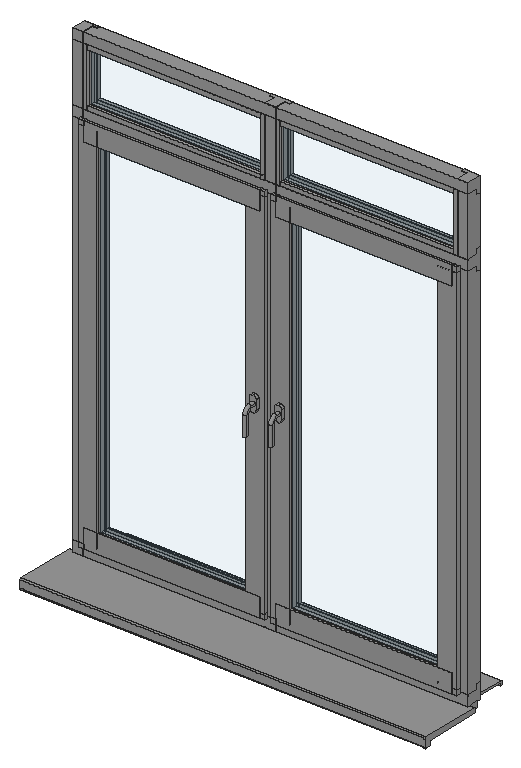
Revit family "deceuninck_okonniy_blok_dvustvorchatiy_s_verhnimi_framugami", category Окна, Revit 2016
Family settings
  Основа = Стена
  Номер OmniClass = 23.30.20.00
  Заголовок OmniClass = Windows
  Всегда вертикально = Да
  При загрузке вырезать с полостями = Нет
  Общий = Нет
  Точка расчета площади = Нет
Parameters (values of type "Энвин ЭКО-60")
  Ширина профиля = 60 mm
  Ширина проема [instance] = ADSK_Ширина рамы + Монтажный зазор.Левый + Монтажный зазор.Правый  # 1640 mm
  Шир прав створка [instance] = if(Одинаковые створки, ADSK_Ширина рамы / 2, Створка правая.Ширина)  # 800 mm
  Четверть.Ширина [instance] = 65 mm
  Четверть.Правая [instance] = if(and(Четверть правая.Видимость, Четверть), Четверть.Ширина, 0 mm)  # 65 mm
  Четверть.Левая [instance] = if(and(Четверть левая.Видимость, Четверть), Четверть.Ширина, 0 mm)  # 65 mm
  Четверть.Глубина [instance] = 120 mm
  Четверть.Высота [instance] = 65 mm
  Четверть правая.Видимость [instance] = yes
  Четверть левая.Видимость [instance] = yes
  Четверть.Врхняя [instance] = if(Четверть, Четверть.Высота, 0 mm)  # 65 mm
  Четверть [instance] = yes
  Цвет профиля = ""
  Фрамуга верхняя.Высота [instance] = ADSK_Высота рамы - Высота створки  # 300 mm
  Формула стеклопакета = ""
  Толщина стеклопакета = "32"
  Тип профиля = "Тип В"
  Стеклопакет.Толщина = 32 mm
  Створка правая.Ширина [instance] = 800 mm
  Створка правая [instance] = stvorka : Поворотная право
  Створка левая.Ширина [instance] = ADSK_Ширина рамы - Шир прав створка  # 800 mm
  Створка левая [instance] = stvorka : Поворотная лево
  Система фурнитуры [instance] = ""
  Расчетное значение ветровой нагрузки [instance] = 400
  Рама.Окно.Ширина [instance] = 1600 mm
  Рама.Окно.Высота [instance] = 1900 mm
  Профильная система = "Энвин ЭКО 60"
  Проем.Окно.Ширина [instance] = 1640 mm
  Проем.Окно.Высота [instance] = 1955 mm
  Приточный клапан [instance] = no
  Watermarked By = ""
  Rough Width = 0 mm  # constant formula
  Rough Height = 0 mm  # constant formula
  Подоконник.Глубина [instance] = 0 mm
  Подоконник. Видимость [instance] = yes
  Подоконник [instance] = podokonnik : ПВХ 250
  Площаль элемента [instance] = ADSK_Ширина рамы * ADSK_Высота рамы / 1000000 mm  # 3.04 mm
  Отлив.Свес [instance] = 35 mm
  Отлив.Видимость [instance] = yes
  Откосы.Глубина [instance] = 310 mm
  Одинаковые створки [instance] = no
  Огнестойкость = "Е-15"
  Наименование = "Окно 2-створчатое с верхними фрамугами Энвин ЭКО-60"
  Монтажный зазор.Спереди [instance] = 10 mm
  Монтажный зазор.Правый [instance] = if(Четверть правая.Видимость, Монтажный зазор.Боковой, 0 mm)  # 20 mm
  Монтажный зазор.Низ [instance] = 10 mm
  Монтажный зазор.Левый [instance] = if(Четверть левая.Видимость, Монтажный зазор.Боковой, 0 mm)  # 20 mm
  Монтажный зазор.Верх [instance] = 20 mm
  Монтажный зазор.Боковой = 20 mm
  Материал-Стеклопакет = none
  Материал-Рама = none
  Материал-Подоконник = ПВХ, белый
  Материал-Отлив = Лист оцинкованый, белый
  Завод-изготовитель [instance] = "ООО Декёнинк Рус, Россия"  # constant formula
  ГОСТ = "ГОСТ 30673-2013"
  Высота створки [instance] = 1600 mm
  Высота профиля створки = 76 mm
  Высота профиля рамы = 62 mm
  Высота профиля имоста = 82 mm
  Высота проема [instance] = ADSK_Высота рамы + 25 mm + Монтажный зазор.Верх + Монтажный зазор.Низ  # 1955 mm
  Height = 1000 mm
  Высота подоконника по умолчанию = 800 mm
  Замыкание стены = По основе
  Width = 0 mm  # constant formula
  Артикул створки/армирование рстворки = "ZE 60D  /  AR1"
  Артикул рамы/армирование рамы = "LE 60D  /  AR1"
  Артикул импоста/армирование импоста = "TE 60D  /  20 x 35"
  Аналитическая конструкция = "<Нет>"
  λ краевой зоны стеклопакета = 0.0600 (m²·K)/W
  Rстеклопакета = 0.7600 (m²·K)/W
  Rпрофиля = 0.6800 (m²·K)/W
  Rпривед [instance] = 1 / (((Ширина профиля / 1000 mm) * (5.4 - 4 * (Ширина профиля / 1000 mm)) / (1.8 * Rпрофиля / Rед)) + ((1.2 - 2 * (Ширина профиля / 1000 mm)) * (1.5 - 2 * (Ширина профиля / 1000 mm)) / (1.8 * Rстеклопакета / Rед)) + (5.4 - 8 * (Ширина профиля / 1000 mm)) * (λ краевой зоны стеклопакета / Rед))  # 0.61064
  Rед = 1.0000 (m²·K)/W
  Iфактич [instance] = ""
  Iтреб [instance] = (((Расчетное значение ветровой нагрузки / 1000000) * ((ADSK_Высота рамы / 10) ^ 4) * (Шир прав створка / 20)) / (1 mm * 1920 mm * 210000 mm * (ADSK_Высота рамы / 3000)) * (25 - (40 * ((Шир прав створка / 20) / ADSK_Высота рамы) ^ 2) + (16 * ((Шир прав створка / 20) / ADSK_Высота рамы) ^ 4))) + (((Расчетное значение ветровой нагрузки / 1000000) * ((ADSK_Высота рамы / 10) ^ 4) * (Створка левая.Ширина / 20)) / (1 mm * 1920 mm * 210000 mm * (ADSK_Высота рамы / 3000)) * (25 - (40 * ((Створка левая.Ширина / 20) / ADSK_Высота рамы) ^ 2) + (16 * ((Створка левая.Ширина / 20) / ADSK_Высота рамы) ^ 4)))  # 4.08 mm
  ADSK_Ширина рамы [instance] = 1600 mm
  ADSK_Позиция [instance] = ""
  ADSK_Высота рамы [instance] = 1900 mm
Reference planes
  plane 1 "По центру (Вперед/Назад)": y = 0
  plane 2 "По центру (Влево/Вправо)": x = 0
  plane 3 "Подоконник": z = 800
  plane 4 "Наружный": y = 250
  plane 5 "Внутренние": y = -250
  plane 6: x = -820
  plane 7: x = 820
  plane 8: x = -755
  plane 9: x = 755
  plane 10: y = 130
  plane 11: z = 2700
  plane 12: x = -800
  plane 13: x = 800
  plane 14: z = 775
  plane 15: z = 2720
  plane 16: z = 765
  plane 17: z = 2655
  plane 18: y = 120
  plane 19: y = 60
  plane 20: x = -738
  plane 21: x = 738
  plane 22: z = 2638
  plane 23: z = 862
  plane 24: x = 0
  plane 25: x = -41
  plane 26: x = 41
  plane 27: y = 107
  plane 28: y = 70
  plane 29: y = 450
  plane 30: z = 2400
Forms (mm)
  Extrusion 1, void
    sketch origin (0, -250, 0) x (1, 0, 0) y (0, 0, 1)
      loop
        line (-820, 2720) -> (-820, 765) -> (820, 765) -> (820, 2720) -> (-820, 2720)
    from 0 to -380
  Extrusion 2, void
    sketch origin (-2200.521, 130, 1000) x (1, 0, 0) y (0, 0, 1)
      loop
        line (1445.521, 1655) -> (1445.521, -235) -> (2955.521, -235) -> (2955.521, 1655) -> (1445.521, 1655)
    from 0 to -320
  Extrusion 3, solid, material <- "Материал-Рама", detail levels fine
    sketch origin (0, 0, 800) x (0, -1, 0) y (-1, 0, 0)
      loop
        line (-120, 800) -> (-120, 738) -> (-107, 738) -> (-107, 758) -> (-60, 758) -> (-60, 800) -> (-120, 800)
      loop
        line (-120, -738) -> (-120, -800) -> (-60, -800) -> (-60, -758) -> (-107, -758) -> (-107, -738) -> (-120, -738)
    from 0 to -1900
  Extrusion 4, solid, material <- "Материал-Рама", detail levels fine
    sketch origin (-750, 0, 0) x (0, -1, 0) y (0, 0, 1)
      loop
        line (-60, 800) -> (-60, 842) -> (-107, 842) -> (-107, 862) -> (-120, 862) -> (-120, 800) -> (-60, 800)
      loop
        line (-60, 2658) -> (-60, 2700) -> (-120, 2700) -> (-120, 2638) -> (-107, 2638) -> (-107, 2658) -> (-60, 2658)
    from 50 to -1550
  Extrusion 5, solid, material <- "Материал-Рама", detail levels fine
    sketch origin (0, 0, 800) x (0, -1, 0) y (-1, 0, 0)
      loop
        line (-120, 41) -> (-120, -41) -> (-107, -41) -> (-107, -21) -> (-60, -21) -> (-60, 21) -> (-107, 21) -> (-107, 41) -> (-120, 41)
    from 0 to -1900
  Extrusion 6, solid, material <- "Материал-Рама"
    sketch origin (-233.865, 107, 2257) x (0, 0, 1) y (-1, 0, 0)
      loop
        line (-1457, 566.135) -> (-1482, 566.135) -> (-1482, -1033.865) -> (-1457, -1033.865) -> (-1457, 566.135)
    from 0 to 37
  Extrusion 7, solid, material "Лист оцинкованый, белый" <- "Материал-Отлив", visible <- "Отлив.Видимость", detail levels fine
    sketch origin (755, 531.754, 1000) x (0, 1, 0) y (0, 0, 1)
      loop
        line (-424.754, -225) -> (-251.754, -225) -> (-251.754, -235) -> (-246.754, -235) -> (-246.754, -220) -> (-424.754, -215) -> (-424.754, -225)
    from 0 to -1510
  Extrusion 8, solid, detail levels medium
    sketch origin (0, 0, 800) x (0, -1, 0) y (-1, 0, 0)
      loop
        line (-120, 800) -> (-120, 738) -> (-60, 738) -> (-60, 800) -> (-120, 800)
      loop
        line (-120, -800) -> (-60, -800) -> (-60, -738) -> (-120, -738) -> (-120, -800)
    from 0 to -1900
  Extrusion 9, solid, detail levels medium
    sketch origin (-750, 0, 0) x (0, -1, 0) y (0, 0, 1)
      loop
        line (-120, 2700) -> (-120, 2638) -> (-60, 2638) -> (-60, 2700) -> (-120, 2700)
      loop
        line (-60, 800) -> (-60, 862) -> (-120, 862) -> (-120, 800) -> (-60, 800)
    from -1550 to 50
  Extrusion 10, solid, detail levels coarse
    sketch origin (0, 0, 800) x (0, -1, 0) y (-1, 0, 0)
      loop
        line (-120, 800) -> (-120, 689) -> (-47, 689) -> (-47, 800) -> (-120, 800)
      loop
        line (-120, -800) -> (-47, -800) -> (-47, -689) -> (-120, -689) -> (-120, -800)
      loop
        line (-47, 90) -> (-120, 90) -> (-120, -90) -> (-47, -90) -> (-47, 90)
    from 0 to -1900
  Extrusion 11, solid, detail levels coarse
    sketch origin (-750, 0, 0) x (0, -1, 0) y (0, 0, 1)
      loop
        line (-120, 2590) -> (-47, 2590) -> (-47, 2700) -> (-120, 2700) -> (-120, 2590)
      loop
        line (-47, 800) -> (-47, 911) -> (-120, 911) -> (-120, 800) -> (-47, 800)
      loop
        line (-47, 2489) -> (-120, 2489) -> (-120, 2311) -> (-47, 2311) -> (-47, 2489)
    from -1550 to 50
  Extrusion 12, solid, detail levels medium
    sketch origin (0, 0, 800) x (0, -1, 0) y (-1, 0, 0)
      loop
        line (-120, 21) -> (-120, -21) -> (-60, -21) -> (-60, 21) -> (-120, 21)
    from 0 to -1900
  Extrusion 13, solid, detail levels fine
    sketch origin (-750, 0, 0) x (0, -1, 0) y (0, 0, 1)
      loop
        line (-60, 2379) -> (-60, 2421) -> (-107, 2421) -> (-107, 2441) -> (-120, 2441) -> (-120, 2359) -> (-107, 2359) -> (-107, 2379) -> (-60, 2379)
    from -1550 to 50
  Extrusion 14, solid, detail levels medium
    sketch origin (-750, 0, 0) x (0, -1, 0) y (0, 0, 1)
      loop
        line (-60, 2421) -> (-120, 2421) -> (-120, 2379) -> (-60, 2379) -> (-60, 2421)
    from -1550 to 50
Lines and regions (mm)
  symbolic lines, style "Windows"
    curve 1: line (-800, 130, 0) -> (800, 130, 0)
Text (mm)
  text "Наружный" at (0, 923.751, 2943.296), in view "Справа"
  text "Наружный" at (0, 1040.484, 2685.409), in view "Слева"
Dimensions and locks
  "Высота подоконника по умолчанию": plane 3 "Подоконник" to level
  locked: plane 4 "Наружный" to host wall at 0
  locked: plane 5 "Внутренние" to host wall
  "Четверть.Глубина": plane 10 to plane 4 "Наружный"
  "ADSK_Высота рамы": plane 11 to plane 3 "Подоконник"
  "Монтажный зазор.Верх": plane 15 to plane 11
  locked: plane 3 "Подоконник" to plane 14 at 25
  "Монтажный зазор.Низ": plane 14 to plane 16
  "Четверть.Врхняя": plane 15 to plane 17
  equal spacing: plane 13, plane 2 "По центру (Влево/Вправо)", plane 12
  "ADSK_Ширина рамы": plane 13 to plane 12
  "Четверть.Левая": plane 8 to plane 6
  "Четверть.Правая": plane 7 to plane 9
  "Монтажный зазор.Левый": plane 12 to plane 6
  "Монтажный зазор.Правый": plane 13 to plane 7
  "Монтажный зазор.Спереди": plane 10 to plane 18
  "Ширина профиля": plane 18 to plane 19
  "Высота профиля рамы": plane 12 to plane 20
  locked: Extrusion 3 sketch curve to Extrusion 3 sketch curve at 13  (x2)
  locked: Extrusion 3 sketch curve to Extrusion 3 sketch curve at 20  (x2)
  "Высота профиля рамы": plane 21 to plane 13
  "Высота профиля рамы": plane 11 to plane 22
  "Высота профиля рамы": plane 3 "Подоконник" to plane 23
  locked: Extrusion 4 sketch curve to Extrusion 4 sketch curve at 13  (x2)
  locked: Extrusion 4 sketch curve to Extrusion 4 sketch curve at 20  (x2)
  "Шир прав створка": plane 13 to plane 24
  equal spacing: plane 25, plane 24, plane 26
  "Высота профиля имоста": plane 25 to plane 26
  locked: Extrusion 5 sketch curve to plane 26 at 20
  locked: plane 25 to Extrusion 5 sketch curve at 20
  locked: plane 18 to plane 27 at 13
  locked: plane 28 to plane 19 at 10
  locked: Extrusion 7 sketch curve to Extrusion 7 sketch curve at 5  (x2)
  locked: Extrusion 7 sketch curve to Extrusion 7 sketch curve at 10
  "Отлив.Свес": Extrusion 7 to plane 4 "Наружный"
  locked: plane 4 "Наружный" to plane 29 at 200
  "Откосы.Глубина": plane 19 to plane 5 "Внутренние"
  "Высота створки": plane 30 to plane 3 "Подоконник"
  locked: Extrusion 13 sketch curve to Extrusion 13 sketch curve at 20  (x2)
  "Высота профиля имоста": Extrusion 13 sketch curve to Extrusion 13 sketch curve
  equal spacing: Extrusion 13 sketch curve, plane 30, Extrusion 13 sketch curve
  "Проем.Окно.Высота": plane 15 to plane 16
  "Рама.Окно.Высота": plane 11 to plane 3 "Подоконник"
  "Проем.Окно.Ширина": plane 7 to plane 6
  "Рама.Окно.Ширина": plane 13 to plane 12
  aligned and locked: Extrusion 1 sketch curve to plane 15
  aligned and locked: Extrusion 1 sketch curve to plane 6
  aligned and locked: Extrusion 1 sketch curve to plane 7
  aligned and locked: Extrusion 1 sketch curve to plane 16
  aligned and locked: plane 10 to Extrusion 1
  aligned and locked: Extrusion 2 sketch curve to plane 17
  aligned and locked: Extrusion 2 sketch curve to plane 8
  aligned and locked: Extrusion 2 sketch curve to plane 9
  aligned and locked: Extrusion 2 sketch curve to plane 16
  aligned and locked: Extrusion 3 sketch curve to plane 18
  aligned and locked: Extrusion 3 sketch curve to plane 19
  aligned and locked: Extrusion 3 sketch curve to plane 20
  aligned and locked: Extrusion 3 sketch curve to plane 12
  aligned and locked: plane 18 to Extrusion 3 sketch curve
  aligned and locked: plane 19 to Extrusion 3 sketch curve
  aligned and locked: Extrusion 3 sketch curve to plane 13
  aligned and locked: Extrusion 3 sketch curve to plane 21
  aligned and locked: plane 11 to Extrusion 3
  aligned and locked: Extrusion 4 sketch curve to plane 19  (x2)
  aligned and locked: Extrusion 4 sketch curve to plane 18  (x2)
  aligned and locked: Extrusion 4 sketch curve to plane 23
  aligned and locked: Extrusion 4 sketch curve to plane 3 "Подоконник"
  aligned and locked: Extrusion 4 sketch curve to plane 22
  aligned and locked: Extrusion 4 sketch curve to plane 11
  aligned and locked: Extrusion 4 to plane 13
  aligned and locked: Extrusion 4 to plane 12
  aligned and locked: Extrusion 5 sketch curve to plane 18
  aligned and locked: Extrusion 5 sketch curve to plane 19
  aligned and locked: plane 11 to Extrusion 5
  aligned and locked: Extrusion 6 sketch curve to plane 12
  aligned and locked: Extrusion 6 sketch curve to plane 3 "Подоконник"
  aligned and locked: Extrusion 6 sketch curve to plane 14
  aligned and locked: plane 13 to Extrusion 6 sketch curve
  aligned and locked: plane 28 to Extrusion 6
  aligned and locked: nested 1 to plane 3 "Подоконник"
  aligned and locked: plane 28 to nested 1
  aligned and locked: nested 1 to plane 2 "По центру (Влево/Вправо)"
  aligned and locked: plane 14 to Extrusion 7 sketch curve
  aligned and locked: Extrusion 7 to plane 8
  aligned and locked: plane 27 to Extrusion 7 sketch curve
  aligned and locked: plane 29 to Extrusion 2
  aligned and locked: curve 1 to plane 10
  aligned and locked: plane 11 to Extrusion 8
  aligned and locked: Extrusion 9 sketch curve to plane 11
  aligned and locked: Extrusion 9 sketch curve to plane 22
  aligned and locked: Extrusion 9 sketch curve to plane 19  (x2)
  aligned and locked: Extrusion 9 sketch curve to plane 18  (x2)
  aligned and locked: Extrusion 9 sketch curve to plane 3 "Подоконник"
  aligned and locked: Extrusion 9 sketch curve to plane 23
  aligned and locked: Extrusion 9 to plane 13
  aligned and locked: Extrusion 8 sketch curve to plane 20
  aligned and locked: Extrusion 8 sketch curve to plane 19  (x2)
  aligned and locked: Extrusion 8 sketch curve to plane 12
  aligned and locked: plane 13 to Extrusion 8 sketch curve
  aligned and locked: plane 21 to Extrusion 8 sketch curve
  aligned and locked: Extrusion 10 sketch curve to plane 12
  aligned and locked: Extrusion 10 sketch curve to plane 18  (x2)
  aligned and locked: plane 13 to Extrusion 10 sketch curve
  aligned and locked: plane 11 to Extrusion 10
  aligned and locked: plane 18 to Extrusion 10 sketch curve
  aligned and locked: Extrusion 11 sketch curve to plane 18
  aligned and locked: Extrusion 10 to Extrusion 11 sketch curve  (x4)
  aligned and locked: Extrusion 11 sketch curve to plane 11
  aligned and locked: Extrusion 11 sketch curve to plane 3 "Подоконник"
  aligned and locked: Extrusion 11 to plane 13
  aligned and locked: Extrusion 8 sketch curve to plane 18  (x2)
  aligned and locked: Extrusion 12 sketch curve to Extrusion 5  (x3)
  aligned and locked: Extrusion 10 to Extrusion 12 sketch curve
  aligned and locked: plane 11 to Extrusion 12
  aligned and locked: Extrusion 11 to plane 12
  aligned and locked: Extrusion 9 to plane 12
  aligned and locked: Extrusion 8 to Extrusion 13 sketch curve
  aligned and locked: Extrusion 10 to Extrusion 13 sketch curve
  aligned and locked: Extrusion 13 sketch curve to plane 27  (x2)
  aligned and locked: Extrusion 13 to plane 13
  aligned and locked: Extrusion 13 to plane 12
  aligned and locked: Extrusion 14 sketch curve to Extrusion 13  (x3)
  aligned and locked: Extrusion 13 to Extrusion 14 sketch curve
  aligned and locked: Extrusion 14 to plane 12
  aligned and locked: Extrusion 14 to plane 13
  aligned and locked: nested 2 to Extrusion 4
  aligned and locked: nested 2 to Extrusion 13
  aligned and locked: plane 27 to nested 2
  aligned and locked: Extrusion 3 to nested 2
  aligned and locked: nested 2 to Extrusion 12
  aligned and locked: Extrusion 11 sketch curve to nested 2  (x2)
  aligned and locked: nested 3 to Extrusion 4
  aligned and locked: nested 3 to Extrusion 13
  aligned and locked: plane 27 to nested 3
  aligned and locked: Extrusion 12 to nested 3
  aligned and locked: nested 3 to Extrusion 3
  aligned and locked: nested 4 to Extrusion 13
  aligned and locked: nested 4 to Extrusion 4
  aligned and locked: plane 27 to nested 4
  aligned and locked: Extrusion 12 to nested 4
  aligned and locked: nested 4 to Extrusion 3
  aligned and locked: nested 5 to Extrusion 13
  aligned and locked: nested 5 to Extrusion 4
  aligned and locked: plane 27 to nested 5
  aligned and locked: Extrusion 3 to nested 5
  aligned and locked: nested 5 to Extrusion 12
  aligned and locked: Extrusion 11 sketch curve to nested 5
Automatic sketch dimensions
  Extrusion 5 sketch curve to plane 26 = 0 mm
  Extrusion 5 sketch curve to plane 25 = 0 mm
  Extrusion 5 sketch curve to plane 18 = 13 mm  (x2)
  host wall to Extrusion 7 sketch curve = 30 mm
  Extrusion 7 sketch curve to Extrusion 7 sketch curve = 10 mm
  curve 1 to plane 12 = 0 mm
  curve 1 to plane 13 = 0 mm
  Extrusion 11 sketch curve to plane 19 = 13 mm
  Extrusion 10 sketch curve to plane 19 = 13 mm  (x3)
  plane 26 to Extrusion 10 sketch curve = 49 mm
  plane 21 to Extrusion 10 sketch curve = 49 mm
  plane 20 to Extrusion 10 sketch curve = 49 mm
  Extrusion 10 sketch curve to plane 25 = 49 mm
  plane 23 to Extrusion 11 sketch curve = 49 mm
Nested families
  nested 1: "podokonnik" at (0, 70, 800), Материал-Подоконник <- "Материал-Подоконник", Длина подоконника <- "Ширина проема", type <- "Подоконник", visible <- "Подоконник. Видимость", type "ПВХ 250", detail levels fine
    with Материал-Подоконник ПВХ, белый, Длина подоконника 1640 mm
  nested 2: "stvorka" at (-389.5, 107, 2421), Профиль.Ширина <- "Ширина профиля", Стеклопакет.Толщина <- "Стеклопакет.Толщина", Профиль.Высота <- "Высота профиля створки", type "Глухая"
    with Стеклопакет.Толщина 32 mm, Створка.Ширина 737 mm, Створка.Высота 237 mm, Ручка.Расстояние от низа створки 118.5 mm, Профиль.Ширина 60 mm, Профиль.Высота 76 mm, Материал.Профиль none
  nested 3: "stvorka" at (389.5, 107, 2421), Профиль.Ширина <- "Ширина профиля", Стеклопакет.Толщина <- "Стеклопакет.Толщина", Профиль.Высота <- "Высота профиля створки", type "Глухая"
    with Стеклопакет.Толщина 32 mm, Створка.Ширина 737 mm, Створка.Высота 237 mm, Ручка.Расстояние от низа створки 118.5 mm, Профиль.Ширина 60 mm, Профиль.Высота 76 mm, Материал.Профиль none
  nested 4: "stvorka" at (389.5, 107, 842), Профиль.Ширина <- "Ширина профиля", Стеклопакет.Толщина <- "Стеклопакет.Толщина", type <- "Створка правая", Профиль.Высота <- "Высота профиля створки", type "Поворотная право"
    with Стеклопакет.Толщина 32 mm, Створка.Ширина 737 mm, Створка.Высота 1537 mm, Ручка.Расстояние от низа створки 768.5 mm, Профиль.Ширина 60 mm, Профиль.Высота 76 mm, Материал.Профиль none
  nested 5: "stvorka" at (-389.5, 107, 842), Профиль.Ширина <- "Ширина профиля", Стеклопакет.Толщина <- "Стеклопакет.Толщина", type <- "Створка левая", Профиль.Высота <- "Высота профиля створки", type "Поворотная лево"
    with Стеклопакет.Толщина 32 mm, Створка.Ширина 737 mm, Створка.Высота 1537 mm, Ручка.Расстояние от низа створки 768.5 mm, Профиль.Ширина 60 mm, Профиль.Высота 76 mm, Материал.Профиль none
Definition of nested family "podokonnik"
  Parameters (values of type "ПВХ 150")
    Материал-Подоконник [instance] = none
    Длина подоконника [instance] = 1500 mm
    Глубина подоконника = 150 mm
    Watermarked By = ""
    Type Comments = "﻿﻿  ﻿          ​     ​                                      ﻿       ﻿ ﻿         ​     ​ ﻿             ​   ​ ​                                ﻿           ﻿                ​ ﻿﻿"
    Keynote = "﻿﻿  ﻿          ​     ​                                      ﻿       ﻿ ﻿         ​     ​ ﻿             ​   ​ ​                                ﻿           ﻿                ​ ﻿﻿"
    Description = "﻿﻿  ﻿          ​     ​                                      ﻿       ﻿ ﻿         ​     ​ ﻿             ​   ​ ​                                ﻿           ﻿                ​ ﻿﻿"
    Assembly Code = "﻿﻿  ﻿          ​     ​                                      ﻿       ﻿ ﻿         ​     ​ ﻿             ​   ​ ​                                ﻿           ﻿                ​ ﻿﻿"
  Types (13, lengths in mm): name | Глубина подоконника
    ПВХ 100 | 100
    ПВХ 150 | 150
    ПВХ 200 | 200
    ПВХ 250 | 250
    ПВХ 300 | 300
    ПВХ 350 | 350
    ПВХ 400 | 400
    ПВХ 450 | 450
    ПВХ 500 | 500
    ПВХ 550 | 550
    ПВХ 600 | 600
    ПВХ 650 | 650
    ПВХ 700 | 700
  Reference planes
    plane 1 "По центру (Вперед/Назад)": y = 0
    plane 2: z = 0
    plane 3 "По центру (Влево/Вправо)": x = 0
    plane 4: y = -150
    plane 5: x = 750
    plane 6: x = -750
  Forms (mm)
    Extrusion 1, solid, material <- "Материал-Подоконник"
      sketch origin (0, 0, 0) x (0, 1, 0) y (0, 0, 1)
        loop
          line (0, 0) -> (-146, 0)
          arc (-146, 0) -> (-148.828, -1.172) -> (-150, -4) r 4
          line (-150, -4) -> (-150, -36)
          arc (-150, -36) -> (-148.828, -38.828) -> (-146, -40) r 4
          line (-146, -40) -> (-130, -40) -> (-130, -20) -> (0, -20) -> (0, 0)
      from -750 to 750
  Dimensions and locks
    "Глубина подоконника": plane 1 "По центру (Вперед/Назад)" to plane 4
    equal spacing: plane 6, plane 3 "По центру (Влево/Вправо)", plane 5
    "Длина подоконника": plane 6 to plane 5
    aligned and locked: level to plane 2
    aligned and locked: plane 2 to Extrusion 1 sketch curve
    aligned and locked: plane 4 to Extrusion 1 sketch curve  (x2)
    aligned and locked: plane 5 to Extrusion 1
    aligned and locked: Extrusion 1 to plane 6
  Automatic sketch dimensions
    Extrusion 1 sketch curve to plane 1 "По центру (Вперед/Назад)" = 0 mm
    Extrusion 1 sketch curve to level = 20 mm
    Extrusion 1 sketch curve to level = 4 mm
    Extrusion 1 sketch curve to Extrusion 1 sketch curve = 16 mm  (x2)
    Extrusion 1 sketch curve to Extrusion 1 sketch curve = 4 mm
Definition of nested family "stvorka"
  Parameters (values of type "Поворотно-откидная лево")
    Стеклопакет.Толщина [instance] = 32 mm
    Створка.Ширина [instance] = 700 mm
    Створка.Открытие = not(Створка.Глухая)  # yes
    Створка.Высота [instance] = 1400 mm
    Ручка.Расстояние от низа створки [instance] = Створка.Высота / 2  # 700 mm
    Ручка справа = yes
    Ручка снизу = no
    Ручка слева = no
    Ручка сверху. = no
    Профиль.Ширина [instance] = 58 mm
    Профиль.Высота [instance] = 77 mm
    Открывание правое = no
    Открывание низ = no
    Открывание левое = yes
    Открывание верх = yes
    Створка.Глухая = no
    Материал.Стеклопакет = none
    Материал.Профиль [instance] = none
    Watermarked By = ""
    Type Comments = "﻿﻿  ﻿          ​     ​                                      ﻿       ﻿ ﻿         ​     ​ ﻿             ​   ​ ​                                ﻿           ﻿                ​ ﻿﻿"
    Keynote = "﻿﻿  ﻿          ​     ​                                      ﻿       ﻿ ﻿         ​     ​ ﻿             ​   ​ ​                                ﻿           ﻿                ​ ﻿﻿"
    Description = "﻿﻿  ﻿          ​     ​                                      ﻿       ﻿ ﻿         ​     ​ ﻿             ​   ​ ​                                ﻿           ﻿                ​ ﻿﻿"
    Assembly Code = "﻿﻿  ﻿          ​     ​                                      ﻿       ﻿ ﻿         ​     ​ ﻿             ​   ​ ​                                ﻿           ﻿                ​ ﻿﻿"
    Analytic Construction = "<Нет>"
  Types (5, lengths in mm): name | Створка.Ширина | Створка.Открытие | Створка.Высота | Ручка.Расстояние от низа створки | Ручка справа | Ручка слева | Открывание правое | Открывание левое | Открывание верх | Створка.Глухая
    Глухая | 600 | no | 1500 | 750 | no | no | no | no | no | yes
    Поворотная право | 600 | yes | 1500 | 750 | no | yes | yes | no | no | no
    Поворотная лево | 600 | yes | 1500 | 750 | yes | no | no | yes | no | no
    Поворотно-откидная право | 600 | yes | 1500 | 750 | no | yes | yes | no | yes | no
    Поворотно-откидная лево | 700 | yes | 1400 | 700 | yes | no | no | yes | yes | no
  Reference planes
    plane 1 "По центру (Вперед/Назад)": y = 0
    plane 2: z = 0
    plane 3 "По центру (Влево/Вправо)": x = 0
    plane 4: x = -338
    plane 5: x = 338
    plane 6: y = -58
    plane 7: z = 1400
    plane 8: y = -16
    plane 9: y = -48
    plane 10: y = -51
    plane 11: x = -350
    plane 12: x = 350
    plane 13: z = 12
    plane 14: z = -8
    plane 15: z = 1408
    plane 16: z = 1388
    plane 17: z = 700
    plane 18: x = -358
    plane 19: x = -281
    plane 20: x = 358
    plane 21: x = 281
    plane 22: z = 1331
    plane 23: z = 69
    plane 24: z = 700
  Forms (mm)
    Extrusion 1, solid, material <- "Материал.Профиль", visible <- "Створка.Открытие", detail levels fine
      sketch origin (0, 0, 0) x (1, 0, 0) y (0, 1, 0)
        loop
          line (-338, 0) -> (-338, -45) -> (-358, -45) -> (-358, -58) -> (-281, -58) -> (-281, -51) -> (-301, -51) -> (-301, -13) -> (-281, -13) -> (-284, 0) -> (-338, 0)
        loop
          line (338, 0) -> (284, 0) -> (281, -13) -> (301, -13) -> (301, -51) -> (281, -51) -> (281, -58) -> (358, -58) -> (358, -45) -> (338, -45) -> (338, 0)
      from 12 to 1388
    Extrusion 2, solid, visible <- "Створка.Открытие", detail levels fine
      sketch origin (0, 0, 0) x (1, 0, 0) y (0, 1, 0)
        loop
          line (-301, -13) -> (-301, -51) -> (-281, -51) -> (-281, -48) -> (-291, -48) -> (-291, -16) -> (-281, -16) -> (-281, -13) -> (-301, -13)
        loop
          line (301, -13) -> (281, -13) -> (281, -16) -> (291, -16) -> (291, -48) -> (281, -48) -> (281, -51) -> (301, -51) -> (301, -13)
      from 49 to 1351
    Extrusion 3, solid, material <- "Материал.Профиль", visible <- "Створка.Открытие", detail levels fine
      sketch origin (0, 0, 12) x (0, 1, 0) y (0, 0, 1)
        loop
          line (-58, 57) -> (-58, -20) -> (-45, -20) -> (-45, 0) -> (0, 0) -> (0, 54) -> (-13, 57) -> (-13, 37) -> (-51, 37) -> (-51, 57) -> (-58, 57)
        loop
          line (-58, 1319) -> (-51, 1319) -> (-51, 1339) -> (-13, 1339) -> (-13, 1319) -> (0, 1322) -> (0, 1376) -> (-45, 1376) -> (-45, 1396) -> (-58, 1396) -> (-58, 1319)
      from -338 to 338
    Extrusion 4, solid, visible <- "Створка.Открытие", detail levels fine
      sketch origin (0, 0, 0) x (0, 1, 0) y (0, 0, 1)
        loop
          line (-16, 69) -> (-16, 59) -> (-48, 59) -> (-48, 69) -> (-51, 69) -> (-51, 49) -> (-13, 49) -> (-13, 69) -> (-16, 69)
        loop
          line (-51, 1351) -> (-51, 1331) -> (-48, 1331) -> (-48, 1341) -> (-16, 1341) -> (-16, 1331) -> (-13, 1331) -> (-13, 1351) -> (-51, 1351)
      from -301 to 301
    Extrusion 5, solid, material <- "Материал.Профиль", visible <- "Створка.Открытие", detail levels fine
      sketch origin (-963, -48, 1200) x (-1, 0, 0) y (0, 0, 1)
        loop
          line (-605, 208) -> (-625, 208) -> (-625, 188) -> (-605, 188) -> (-605, 208)
        loop
          line (-1301, 208) -> (-1321, 208) -> (-1321, 188) -> (-1301, 188) -> (-1301, 208)
        loop
          line (-625, -1188) -> (-625, -1208) -> (-605, -1208) -> (-605, -1188) -> (-625, -1188)
        loop
          line (-1321, -1188) -> (-1321, -1208) -> (-1301, -1208) -> (-1301, -1188) -> (-1321, -1188)
      from 3 to -10
    Extrusion 6, solid, material <- "Материал.Стеклопакет", visible <- "Створка.Открытие"
      sketch origin (0, -16, 59) x (0, -1, 0) y (1, 0, 0)
        loop
          line (0, 291) -> (0, -291) -> (32, -291) -> (32, 291) -> (0, 291)
      from 0 to 1282
    Extrusion 7, solid, material <- "Материал.Профиль", visible <- "Створка.Открытие", detail levels medium
      sketch origin (0, 0, 0) x (1, 0, 0) y (0, 1, 0)
        loop
          line (-281, 0) -> (-358, 0) -> (-358, -58) -> (-281, -58) -> (-281, 0)
        loop
          line (358, 0) -> (281, 0) -> (281, -58) -> (358, -58) -> (358, 0)
      from 12 to 1388
    Extrusion 8, solid, material <- "Материал.Профиль", visible <- "Створка.Открытие", detail levels medium
      sketch origin (0, 0, 0) x (0, 1, 0) y (0, 0, 1)
        loop
          line (0, 1408) -> (-58, 1408) -> (-58, 1331) -> (0, 1331) -> (0, 1408)
        loop
          line (0, 69) -> (-58, 69) -> (-58, -8) -> (0, -8) -> (0, 69)
      from -358 to 358
    Extrusion 9, solid, material <- "Материал.Профиль", visible <- "Створка.Глухая", detail levels fine
      sketch origin (0, 0, 0) x (0, 1, 0) y (0, 0, 1)
        loop
          line (-45, 1400) -> (-45, 1383) -> (-38, 1380) -> (-38, 1400) -> (-45, 1400)
        loop
          line (-45, 0) -> (-38, 0) -> (-38, 20) -> (-45, 17) -> (-45, 0)
      from -350 to 350
    Extrusion 10, solid, visible <- "Створка.Глухая", detail levels fine
      sketch origin (0, 0, 0) x (0, 1, 0) y (0, 0, 1)
        loop
          line (0, 1400) -> (-38, 1400) -> (-38, 1380) -> (-35, 1380) -> (-35, 1390) -> (-3, 1390) -> (-3, 1380) -> (0, 1380) -> (0, 1400)
        loop
          line (0, 0) -> (0, 20) -> (-3, 20) -> (-3, 10) -> (-35, 10) -> (-35, 20) -> (-38, 20) -> (-38, 0) -> (0, 0)
      from -350 to 350
    Extrusion 11, solid, visible <- "Створка.Глухая", detail levels fine
      sketch origin (0, 0, 0) x (1, 0, 0) y (0, 1, 0)
        loop
          line (-350, 0) -> (-350, -38) -> (-330, -38) -> (-330, -35) -> (-340, -35) -> (-340, -3) -> (-330, -3) -> (-330, 0) -> (-350, 0)
        loop
          line (350, 0) -> (330, 0) -> (330, -3) -> (340, -3) -> (340, -35) -> (330, -35) -> (330, -38) -> (350, -38) -> (350, 0)
      from 0 to 1400
    Extrusion 12, solid, material <- "Материал.Профиль", visible <- "Створка.Глухая", detail levels fine
      sketch origin (0, 0, 0) x (1, 0, 0) y (0, 1, 0)
        loop
          line (-350, -38) -> (-350, -45) -> (-333, -45) -> (-330, -38) -> (-350, -38)
        loop
          line (350, -38) -> (330, -38) -> (333, -45) -> (350, -45) -> (350, -38)
      from 0 to 1400
    Extrusion 13, solid, material <- "Материал.Стеклопакет", visible <- "Створка.Глухая"
      sketch origin (0, 0, 0) x (1, 0, 0) y (0, 1, 0)
        loop
          line (-340, -3) -> (-340, -35) -> (340, -35) -> (340, -3) -> (-340, -3)
      from 10 to 1390
    Extrusion 14, solid, material <- "Материал.Профиль", visible <- "Створка.Глухая", detail levels medium
      sketch origin (0, 0, 0) x (1, 0, 0) y (0, 1, 0)
        loop
          line (-330, 0) -> (-350, 0) -> (-350, -45) -> (-330, -45) -> (-330, 0)
        loop
          line (350, 0) -> (330, 0) -> (330, -45) -> (350, -45) -> (350, 0)
      from 0 to 1400
    Extrusion 15, solid, material <- "Материал.Профиль", visible <- "Створка.Глухая", detail levels medium
      sketch origin (-350, 682.027, 1200) x (0, 1, 0) y (0, 0, 1)
        loop
          line (-682.027, 180) -> (-682.027, 200) -> (-727.027, 200) -> (-727.027, 180) -> (-682.027, 180)
        loop
          line (-682.027, -1200) -> (-682.027, -1180) -> (-727.027, -1180) -> (-727.027, -1200) -> (-682.027, -1200)
      from 0 to 700
  Lines and regions (mm)
    symbolic lines, visible <- "Открывание правое"
      curve 1: line (281, 0, 1331) -> (-281, 0, 700)
      curve 2: line (-281, 0, 700) -> (281, 0, 69)
    symbolic lines, visible <- "Открывание левое"
      curve 3: line (-281, 0, 1331) -> (281, 0, 700)
      curve 4: line (281, 0, 700) -> (-281, 0, 69)
    symbolic lines, visible <- "Открывание верх"
      curve 5: line (-281, 0, 69) -> (0, 0, 1331)
      curve 6: line (0, 0, 1331) -> (281, 0, 69)
    symbolic lines, visible <- "Открывание низ"
      curve 7: line (-281, 0, 1331) -> (0, 0, 69)
      curve 8: line (0, 0, 69) -> (281, 0, 1331)
    symbolic lines, visible <- "Створка.Глухая"
      curve 9: line (0, 0, 650) -> (0, 0, 750)
      curve 10: line (-50, 0, 700) -> (50, 0, 700)
  Dimensions and locks
    locked: Extrusion 1 sketch curve to Extrusion 1 sketch curve at 13  (x2)
    "Профиль.Ширина": plane 1 "По центру (Вперед/Назад)" to plane 6
    "Стеклопакет.Толщина": plane 8 to plane 9
    locked: plane 8 to plane 1 "По центру (Вперед/Назад)" at 16
    locked: Extrusion 1 to Extrusion 2 sketch curve at 10
    locked: Extrusion 2 sketch curve to Extrusion 1 at 10
    locked: plane 9 to plane 10 at 3
    locked: Extrusion 3 sketch curve to Extrusion 3 sketch curve at 13  (x2)
    locked: Extrusion 4 sketch curve to Extrusion 3 at 10  (x2)
    "Створка.Высота": plane 7 to plane 2
    locked: plane 4 to plane 11 at 12
    locked: plane 12 to plane 5 at 12
    equal spacing: plane 12, plane 3 "По центру (Влево/Вправо)", plane 11
    "Створка.Ширина": plane 12 to plane 11
    locked: plane 15 to plane 7 at 8
    locked: plane 7 to plane 16 at 12
    locked: plane 2 to plane 14 at 8
    locked: plane 13 to plane 2 at 12
    "Профиль.Высота": plane 18 to plane 19
    "Профиль.Высота": plane 21 to plane 20
    locked: plane 21 to Extrusion 2 at 20
    "Профиль.Высота": plane 22 to plane 15
    locked: plane 11 to plane 18 at 8
    locked: plane 20 to plane 12 at 8
    locked: Extrusion 2 to plane 19 at 20
    "Профиль.Высота": plane 23 to plane 14
    "Ручка.Расстояние от низа створки": plane 17 to plane 2
    locked: nested 3 to plane 13 at 18.5
    locked: nested 4 to plane 16 at 18.5
    locked: nested 1 to plane 4 at 18.5
    locked: plane 5 to nested 2 at 18.5
    equal spacing: plane 7, plane 24, plane 2
    locked: Extrusion 10 sketch curve to Extrusion 10 sketch curve at 20  (x2)
    locked: plane 1 "По центру (Вперед/Назад)" to Extrusion 10 sketch curve at 3  (x2)
    "Стеклопакет.Толщина": Extrusion 10 sketch curve to Extrusion 10 sketch curve  (x2)
    locked: plane 11 to Extrusion 11 sketch curve at 10
    locked: Extrusion 11 sketch curve to Extrusion 11 sketch curve at 3  (x2)
    locked: Extrusion 11 sketch curve to plane 1 "По центру (Вперед/Назад)" at 3
    "Стеклопакет.Толщина": Extrusion 11 sketch curve to Extrusion 11 sketch curve  (x2)
    locked: Extrusion 11 sketch curve to plane 12 at 10
    locked: Extrusion 1 to Extrusion 11 sketch curve at 3
    locked: Extrusion 14 to Extrusion 15 sketch curve at 20  (x2)
    locked: Extrusion 11 to Extrusion 14 sketch curve at 20
    locked: Extrusion 14 sketch curve to Extrusion 14 sketch curve at 20
    curve 9 to plane 24 to curve 9 = 50 mm locked, 50 mm locked
    curve 10 to plane 3 "По центру (Влево/Вправо)" to curve 10 = 50 mm locked, 50 mm locked
    locked: Extrusion 7 to Extrusion 1 sketch curve at 13  (x2)
    locked: Extrusion 3 sketch curve to Extrusion 8 at 13  (x2)
    locked: Extrusion 4 to plane 23 at 20
    locked: Extrusion 4 to plane 22 at 20
    locked: Extrusion 14 to Extrusion 13 at 10
    locked: Extrusion 10 sketch curve to Extrusion 13 at 10
    aligned and locked: level to plane 2
    aligned and locked: Extrusion 1 sketch curve to plane 4
    aligned and locked: plane 6 to Extrusion 1 sketch curve
    aligned and locked: plane 1 "По центру (Вперед/Назад)" to Extrusion 1 sketch curve
    aligned and locked: plane 10 to Extrusion 1 sketch curve
    aligned and locked: Extrusion 2 sketch curve to Extrusion 1  (x9)
    aligned and locked: Extrusion 2 sketch curve to plane 9
    aligned and locked: Extrusion 2 sketch curve to plane 8
    aligned and locked: Extrusion 1 sketch curve to plane 5
    aligned and locked: Extrusion 1 sketch curve to plane 6
    aligned and locked: Extrusion 1 sketch curve to plane 1 "По центру (Вперед/Назад)"
    aligned and locked: Extrusion 1 to Extrusion 2 sketch curve
    aligned and locked: plane 6 to Extrusion 3 sketch curve
    aligned and locked: plane 1 "По центру (Вперед/Назад)" to Extrusion 3 sketch curve
    aligned and locked: plane 10 to Extrusion 3 sketch curve
    aligned and locked: plane 13 to Extrusion 3
    aligned and locked: plane 8 to Extrusion 4 sketch curve  (x2)
    aligned and locked: plane 9 to Extrusion 4 sketch curve
    aligned and locked: Extrusion 4 sketch curve to Extrusion 3  (x8)
    aligned and locked: Extrusion 3 to Extrusion 4 sketch curve  (x2)
    aligned and locked: plane 5 to Extrusion 3
    aligned and locked: plane 14 to Extrusion 3
    aligned and locked: Extrusion 3 to plane 4
    aligned and locked: Extrusion 4 to Extrusion 1  (x2)
    aligned and locked: Extrusion 2 to Extrusion 4
    aligned and locked: Extrusion 3 sketch curve to plane 6
    aligned and locked: Extrusion 3 sketch curve to plane 1 "По центру (Вперед/Назад)"
    aligned and locked: plane 15 to Extrusion 3 sketch curve
    aligned and locked: Extrusion 2 to Extrusion 4 sketch curve
    aligned and locked: Extrusion 1 to Extrusion 3  (x2)
    aligned and locked: Extrusion 5 sketch curve to plane 15
    aligned and locked: Extrusion 5 sketch curve to plane 16
    aligned and locked: Extrusion 5 sketch curve to plane 4
    aligned and locked: Extrusion 5 to plane 6
    aligned and locked: Extrusion 2 to Extrusion 3
    aligned and locked: plane 5 to Extrusion 5 sketch curve  (x2)
    aligned and locked: plane 16 to Extrusion 5 sketch curve
    aligned and locked: plane 15 to Extrusion 5 sketch curve
    aligned and locked: plane 18 to Extrusion 1 sketch curve
    aligned and locked: Extrusion 1 sketch curve to plane 19
    aligned and locked: plane 21 to Extrusion 1 sketch curve
    aligned and locked: Extrusion 1 sketch curve to plane 20
    aligned and locked: Extrusion 3 sketch curve to plane 14
    aligned and locked: plane 13 to Extrusion 3 sketch curve
    aligned and locked: Extrusion 3 sketch curve to plane 23
    aligned and locked: plane 22 to Extrusion 3 sketch curve
    aligned and locked: Extrusion 3 sketch curve to plane 16
    aligned and locked: Extrusion 6 sketch curve to plane 8
    aligned and locked: Extrusion 6 sketch curve to plane 9
    aligned and locked: Extrusion 6 sketch curve to Extrusion 2  (x2)
    aligned and locked: Extrusion 6 to Extrusion 4
    aligned and locked: plane 4 to Extrusion 5 sketch curve
    aligned and locked: plane 18 to Extrusion 5 sketch curve
    aligned and locked: plane 13 to Extrusion 5 sketch curve  (x2)
    aligned and locked: plane 14 to Extrusion 5 sketch curve  (x2)
    aligned and locked: Extrusion 5 sketch curve to plane 20
    aligned and locked: Extrusion 7 sketch curve to plane 1 "По центру (Вперед/Назад)"  (x2)
    aligned and locked: Extrusion 7 sketch curve to plane 6  (x2)
    aligned and locked: Extrusion 7 sketch curve to plane 18
    aligned and locked: Extrusion 7 sketch curve to plane 19
    aligned and locked: plane 20 to Extrusion 7 sketch curve
    aligned and locked: plane 21 to Extrusion 7 sketch curve
    aligned and locked: Extrusion 7 to Extrusion 1
    aligned and locked: Extrusion 1 to plane 16
    aligned and locked: Extrusion 7 to Extrusion 3
    aligned and locked: plane 1 "По центру (Вперед/Назад)" to Extrusion 8 sketch curve  (x2)
    aligned and locked: plane 6 to Extrusion 8 sketch curve  (x2)
    aligned and locked: plane 15 to Extrusion 8 sketch curve
    aligned and locked: plane 22 to Extrusion 8 sketch curve
    aligned and locked: Extrusion 8 sketch curve to plane 23
    aligned and locked: plane 14 to Extrusion 8 sketch curve
    aligned and locked: Extrusion 8 to Extrusion 1  (x2)
    aligned and locked: plane 3 "По центру (Влево/Вправо)" to nested 3
    aligned and locked: plane 3 "По центру (Влево/Вправо)" to nested 4
    aligned and locked: nested 1 to plane 17
    aligned and locked: nested 2 to plane 17
    aligned and locked: Extrusion 9 sketch curve to plane 7
    aligned and locked: Extrusion 10 sketch curve to plane 7
    aligned and locked: plane 1 "По центру (Вперед/Назад)" to Extrusion 10 sketch curve
    aligned and locked: Extrusion 10 sketch curve to Extrusion 10 sketch curve  (x2)
    aligned and locked: Extrusion 10 sketch curve to plane 1 "По центру (Вперед/Назад)"
    aligned and locked: Extrusion 9 sketch curve to plane 2
    aligned and locked: Extrusion 9 sketch curve to Extrusion 10
    aligned and locked: Extrusion 9 to plane 11
    aligned and locked: Extrusion 10 to plane 11
    aligned and locked: plane 12 to Extrusion 10
    aligned and locked: plane 12 to Extrusion 9
    aligned and locked: Extrusion 11 sketch curve to plane 11
    aligned and locked: Extrusion 11 sketch curve to plane 12
    aligned and locked: plane 1 "По центру (Вперед/Назад)" to Extrusion 11 sketch curve
    aligned and locked: Extrusion 12 sketch curve to Extrusion 11
    aligned and locked: Extrusion 12 sketch curve to plane 11
    aligned and locked: Extrusion 12 sketch curve to Extrusion 9  (x2)
    aligned and locked: Extrusion 10 to Extrusion 12 sketch curve
    aligned and locked: Extrusion 12 sketch curve to plane 12
    aligned and locked: plane 7 to Extrusion 12
    aligned and locked: plane 7 to Extrusion 11
    aligned and locked: Extrusion 13 sketch curve to Extrusion 11  (x4)
    aligned and locked: Extrusion 13 to Extrusion 10  (x2)
    aligned and locked: Extrusion 14 sketch curve to plane 1 "По центру (Вперед/Назад)"  (x2)
    aligned and locked: Extrusion 14 sketch curve to plane 11
    aligned and locked: Extrusion 14 sketch curve to plane 12
    aligned and locked: plane 7 to Extrusion 14
    aligned and locked: Extrusion 15 sketch curve to Extrusion 10
    aligned and locked: plane 7 to Extrusion 15 sketch curve
    aligned and locked: plane 2 to Extrusion 15 sketch curve
    aligned and locked: plane 1 "По центру (Вперед/Назад)" to Extrusion 15 sketch curve
    aligned and locked: curve 10 to plane 24
    aligned and locked: Extrusion 14 sketch curve to Extrusion 12  (x2)
    aligned and locked: Extrusion 5 to Extrusion 1
    aligned and locked: plane 12 to Extrusion 15
    aligned and locked: Extrusion 9 to Extrusion 1  (x2)
    aligned and locked: Extrusion 15 sketch curve to Extrusion 1  (x2)
  Automatic sketch dimensions
    curve 4 to plane 19 = 0 mm
    curve 1 to plane 17 = 0 mm
    curve 1 to plane 19 = 0 mm
    curve 3 to plane 19 = 0 mm
    curve 6 to plane 3 "По центру (Влево/Вправо)" = 0 mm
    curve 9 to plane 3 "По центру (Влево/Вправо)" = 0 mm
    curve 8 to plane 3 "По центру (Влево/Вправо)" = 0 mm
    plane 21 to curve 8 = 0 mm
    curve 4 to plane 17 = 0 mm
    plane 21 to curve 4 = 0 mm
    plane 21 to curve 2 = 0 mm
    curve 7 to plane 23 = 0 mm
    curve 5 to plane 23 = 0 mm
    curve 2 to plane 23 = 0 mm
    curve 8 to plane 22 = 0 mm
    curve 3 to plane 22 = 0 mm
    curve 6 to plane 22 = 0 mm
    Extrusion 1 sketch curve to plane 19 = 0 mm
    Extrusion 1 sketch curve to plane 21 = 0 mm
    plane 10 to Extrusion 1 sketch curve = 0 mm
    Extrusion 1 sketch curve to Extrusion 1 sketch curve = 20 mm  (x2)
    Extrusion 1 sketch curve to plane 19 = 3 mm
    Extrusion 1 sketch curve to plane 21 = 3 mm
    Extrusion 2 sketch curve to plane 9 = 0 mm
    plane 8 to Extrusion 2 sketch curve = 0 mm
    Extrusion 3 sketch curve to plane 10 = 0 mm
    Extrusion 3 sketch curve to plane 23 = 0 mm
    plane 22 to Extrusion 3 sketch curve = 0 mm
    Extrusion 3 sketch curve to plane 23 = 3 mm
    Extrusion 3 sketch curve to plane 22 = 3 mm
    plane 20 to Extrusion 5 sketch curve = 0 mm
    Extrusion 5 sketch curve to plane 18 = 0 mm
    plane 9 to Extrusion 9 sketch curve = 10 mm
    plane 13 to Extrusion 9 sketch curve = 5 mm
    plane 13 to Extrusion 9 sketch curve = 8 mm
    plane 16 to Extrusion 9 sketch curve = 8 mm
    plane 16 to Extrusion 9 sketch curve = 5 mm
    plane 4 to Extrusion 12 sketch curve = 5 mm
    plane 4 to Extrusion 12 sketch curve = 8 mm
    Extrusion 12 sketch curve to plane 5 = 8 mm
    Extrusion 12 sketch curve to plane 5 = 5 mm
    plane 9 to Extrusion 9 sketch curve = 3 mm  (x2)
    Extrusion 3 sketch curve to plane 22 = 20 mm
    Extrusion 3 sketch curve to plane 23 = 20 mm
    plane 9 to Extrusion 10 sketch curve = 10 mm
    Extrusion 10 sketch curve to Extrusion 10 sketch curve = 3 mm
    Extrusion 10 sketch curve to plane 13 = 2 mm
    Extrusion 10 sketch curve to plane 16 = 2 mm
    plane 1 "По центру (Вперед/Назад)" to Extrusion 11 sketch curve = 0 mm
    plane 4 to Extrusion 11 sketch curve = 8 mm  (x2)
    Extrusion 11 sketch curve to plane 5 = 8 mm  (x2)
  Nested families
    nested 1: "ruchka" at (-319.5, -58, 700) x (1, 0, 0) z (0, -1, 0), visible <- "Ручка слева", type "ruchka", detail levels fine
    nested 2: "ruchka" at (319.5, -58, 700) x (1, 0, 0) z (0, -1, 0), visible <- "Ручка справа", Маериал.Ручка <- "Материал.Профиль", type "ruchka", detail levels fine
    nested 3: "ruchka" at (0, -58, 30.5) x (0, 0, 1) z (0, -1, 0), visible <- "Ручка снизу", Маериал.Ручка <- "Материал.Профиль", type "ruchka", detail levels fine
    nested 4: "ruchka" at (0, -58, 1369.5) x (0, 0, 1) z (0, -1, 0), visible <- "Ручка сверху.", Маериал.Ручка <- "Материал.Профиль", type "ruchka", detail levels fine
  Definition of nested family "ruchka"
    Parameters (values of type "ruchka")
      Watermarked By = ""
      Type Comments = "﻿﻿​        ﻿﻿﻿   ﻿﻿﻿   ﻿﻿﻿ ﻿     ﻿ ﻿  ﻿﻿ ﻿   ﻿ ﻿     ​ ​ ​ ​     ​ ​                          ​                                                 ​           ​ ﻿         ﻿  ​﻿﻿"
      Keynote = "﻿﻿​        ﻿﻿﻿   ﻿﻿﻿   ﻿﻿﻿ ﻿     ﻿ ﻿  ﻿﻿ ﻿   ﻿ ﻿     ​ ​ ​ ​     ​ ​                          ​                                                 ​           ​ ﻿         ﻿  ​﻿﻿"
      Description = "﻿﻿​        ﻿﻿﻿   ﻿﻿﻿   ﻿﻿﻿ ﻿     ﻿ ﻿  ﻿﻿ ﻿   ﻿ ﻿     ​ ​ ​ ​     ​ ​                          ​                                                 ​           ​ ﻿         ﻿  ​﻿﻿"
      Default Elevation = 1219.2 mm
      Маериал.Ручка [instance] = none
      Assembly Code = "﻿﻿​        ﻿﻿﻿   ﻿﻿﻿   ﻿﻿﻿ ﻿     ﻿ ﻿  ﻿﻿ ﻿   ﻿ ﻿     ​ ​ ​ ​     ​ ​                          ​                                                 ​           ​ ﻿         ﻿  ​﻿﻿"
      Analytic Construction = "<Нет>"
    Reference planes
      plane 1 "По центру (Вперед/Назад)": y = 0
      plane 2: z = 0
      plane 3 "По центру (Влево/Вправо)": x = 0
    Forms (mm)
      Extrusion 1, solid
        sketch origin (0, 0, 0) x (1, 0, 0) y (0, 1, 0)
          loop
            line (-1219.2, 1219.2) -> (-1219.2, -1219.2) -> (1219.2, -1219.2) -> (1219.2, 1219.2) -> (-1219.2, 1219.2)
        from 0 to -304.8
      Extrusion 2, solid, material <- "Маериал.Ручка"
        sketch origin (-1, 0, 0) x (0, -1, 0) y (1, 0, 0)
          loop
            arc (-18, 15) -> (-32, 1) -> (-18, -13) r 14
            line (-18, -13) -> (18, -13)
            arc (18, -13) -> (32, 1) -> (18, 15) r 14
            line (18, 15) -> (-18, 15)
        from 0 to 10
      Sweep 3, solid, material <- "Маериал.Ручка"
        path origin (0, 0, 0) x (0, -1, 0) y (0, 0, 1)
          loop
            line (0, 10) -> (0, 30)
            arc (0, 30) -> (7.903, 42.097) -> (20, 50) r 35.203
            line (20, 50) -> (100, 50)
        profile origin (0, 0, 20) x (0, 1, 0) y (-1, 0, 0)
          loop
            line (0, 7) -> (-7, 7) -> (-7, -7) -> (0, -7)
            arc (0, -7) -> (7, 0) -> (0, 7) r 7
    Dimensions and locks
      aligned and locked: plane 2 to Extrusion 1
      aligned and locked: level to Extrusion 1
